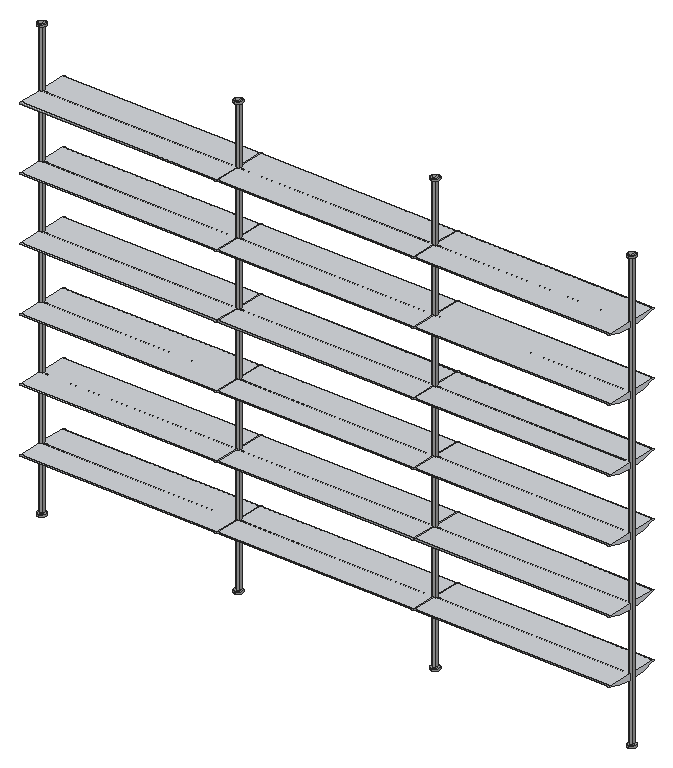
Revit family "Sailor_Composizione_4", category Arredi, Revit 2017
Family settings
  Numero OmniClass = 23.40.20.00
  Titolo OmniClass = General Furniture and Specialties
  Basato su piano di lavoro = No
  Sempre verticale = Sì
  Taglio con vuoti quando caricato = No
  Condiviso = No
  Punto di calcolo locali = No
Parameters
  VisibModulo4 = no
  VisibModulo3 = yes
  VisibModulo2 = yes
  Produttore = "Living Divani"
  Modello = "Sailor"
  Lunghezza Modulo 3 = 1200 mm
  Lunghezza Modulo 2 = 1200 mm
  Lunghezza Modulo 4 = 900 mm
  Lunghezza Modulo 1 = 1200 mm
Reference planes
  plane 1 "Centro (Fronte/Retro)": y = 0
  plane 2: z = 0
  plane 3 "Centro (Sinistra/Destra)": x = 0
Dimensions and locks
  aligned and locked: level to plane 2
  aligned and locked: nested 2 to nested 1
  aligned and locked: nested 3 to nested 2
  aligned and locked: nested 2 to nested 3
  aligned and locked: nested 4 to nested 3
  aligned and locked: nested 3 to nested 4
Nested families
  nested 1: "Sailor_Modulo_Base" at (0, 0, 0), LunghezzaRipiano <- "Lunghezza Modulo 1", type "Primo Modulo"
    with VisibRipiano6 yes, VisibRipiano5 yes, VisibRipiano4 yes, VisibRipiano3 yes, VisibRipiano2 yes, VisibRipiano1 yes, LunghezzaRipiano 1200 mm
  nested 2: "Sailor_Modulo_Base" at (1200, 0, 0), LunghezzaRipiano <- "Lunghezza Modulo 2", visible <- "VisibModulo2", type "Secondo Modulo"
    with VisibRipiano6 yes, VisibRipiano5 yes, VisibRipiano4 yes, VisibRipiano3 yes, VisibRipiano2 yes, VisibRipiano1 yes, LunghezzaRipiano 1200 mm, PrimaAsta no
  nested 3: "Sailor_Modulo_Base" at (2400, 0, 0), LunghezzaRipiano <- "Lunghezza Modulo 3", visible <- "VisibModulo3", type "Terzo Modulo"
    with VisibRipiano6 yes, VisibRipiano5 yes, VisibRipiano4 yes, VisibRipiano3 yes, VisibRipiano2 yes, VisibRipiano1 yes, LunghezzaRipiano 1200 mm, PrimaAsta no
  nested 4: "Sailor_Modulo_Base" at (3600, 0, 0), LunghezzaRipiano <- "Lunghezza Modulo 4", visible <- "VisibModulo4", type "Quarto Modulo"
    with VisibRipiano6 yes, VisibRipiano5 yes, VisibRipiano4 yes, VisibRipiano3 yes, VisibRipiano2 yes, VisibRipiano1 yes, LunghezzaRipiano 900 mm, PrimaAsta no
Definition of nested family "Sailor_Modulo_Base"
  Parameters (values of type "Sailor_Modulo_Base")
    VisibRipiano6 [instance] = yes
    VisibRipiano5 [instance] = yes
    VisibRipiano4 [instance] = yes
    VisibRipiano3 [instance] = yes
    VisibRipiano1 [instance] = yes
    VisibRipiano2 [instance] = yes
    Ripiano = none
    PrimaAsta = yes
    Aste = none
    LunghezzaRipiano [instance] = 750 mm
  Reference planes
    plane 1 "Centro (Fronte/Retro)": y = 0
    plane 2: z = 0
    plane 3 "Centro (Sinistra/Destra)": x = 0
    plane 4: y = 0
    plane 5 "Lunghezza Ripiano": x = 750
    plane 6 "primo ripiano": z = 383
    plane 7: y = 0
    plane 8: y = 0
    plane 9: y = 0
    plane 10: y = 0
    plane 11: y = 0
  Forms (mm)
    Extrusion 1, solid, material <- "Aste", visible <- "PrimaAsta"
      sketch origin (0, 0, 0) x (1, 0, 0) y (0, 1, 0)
        loop
          line (12.5, 7.217) -> (0, 14.434) -> (-12.5, 7.217) -> (-12.5, -7.217) -> (0, -14.434) -> (12.5, -7.217) -> (12.5, 7.217)
      from 20 to 2670
    Revolve 2, solid, material <- "Aste", visible <- "PrimaAsta"
      sketch origin (0, 0, 0) x (0, 1, 0) y (0, 0, 1)
        loop
          line (0, 20) -> (0, 0) -> (19, 0) -> (20.125, 2.25) -> (25, 2.25) -> (25, 9.915) -> (7.761, 9.915) -> (6.996, 12.974) -> (5, 12.974) -> (5, 14.189) -> (7.229, 20) -> (0, 20)
        axis (0, 0) -> (0, 20)
      angle from 0 to 360
    Revolve 3, solid, material <- "Aste", visible <- "PrimaAsta"
      sketch origin (0, 0, 2690) x (0, 1, 0) y (0, 0, -1)
        loop
          line (0, 20) -> (0, 0) -> (19, 0) -> (20.125, 2.25) -> (25, 2.25) -> (25, 9.915) -> (7.761, 9.915) -> (6.996, 12.974) -> (5, 12.974) -> (5, 14.189) -> (7.229, 20) -> (0, 20)
        axis (0, 0) -> (0, 20)
      angle from 0 to 360
    Extrusion 4, solid, material <- "Ripiano", visible <- "VisibRipiano1"
      sketch origin (0, -315.449, -968.719) x (0, 1, 0) y (0, 0, 1)
        loop
          arc (153.449, 1369.219) -> (150.496, 1366.748) -> (152.408, 1363.405) r 3
          arc (152.408, 1363.405) -> (315.449, 1334.219) -> (478.489, 1363.405) r 469.983
          arc (478.489, 1363.405) -> (480.402, 1366.748) -> (477.449, 1369.219) r 3
          line (477.449, 1369.219) -> (153.449, 1369.219)
        loop
          circle (315.449, 1351.719) r 8
      from 0 to 750 <- "LunghezzaRipiano"
    Extrusion 5, solid, visible <- "PrimaAsta", not visible
      sketch origin (0, 0, 0) x (1, 0, 0) y (0, 1, 0)
        loop
          line (12.5, 7.217) -> (0, 14.434) -> (-12.5, 7.217) -> (-12.5, -7.217) -> (0, -14.434) -> (12.5, -7.217) -> (12.5, 7.217)
      from 20 to 2670
    Revolve 6, solid, visible <- "PrimaAsta", not visible
      sketch origin (0, 0, 0) x (0, 1, 0) y (0, 0, 1)
        loop
          line (0, 20) -> (0, 0) -> (19, 0) -> (20.125, 2.25) -> (25, 2.25) -> (25, 9.915) -> (7.761, 9.915) -> (6.996, 12.974) -> (5, 12.974) -> (5, 14.189) -> (7.229, 20) -> (0, 20)
        axis (0, 0) -> (0, 20)
      angle from 0 to 360
    Revolve 7, solid, visible <- "PrimaAsta", not visible
      sketch origin (0, 0, 2690) x (0, 1, 0) y (0, 0, -1)
        loop
          line (0, 20) -> (0, 0) -> (19, 0) -> (20.125, 2.25) -> (25, 2.25) -> (25, 9.915) -> (7.761, 9.915) -> (6.996, 12.974) -> (5, 12.974) -> (5, 14.189) -> (7.229, 20) -> (0, 20)
        axis (0, 0) -> (0, 20)
      angle from 0 to 360
    Revolve 8, solid, material <- "Aste"
      sketch origin (750, 0, 0) x (0, 1, 0) y (0, 0, 1)
        loop
          line (0, 20) -> (0, 0) -> (19, 0) -> (20.125, 2.25) -> (25, 2.25) -> (25, 9.915) -> (7.761, 9.915) -> (6.996, 12.974) -> (5, 12.974) -> (5, 14.189) -> (7.229, 20) -> (0, 20)
        axis (0, 0) -> (0, 20)
      angle from 0 to 360
    Revolve 9, solid, material <- "Aste"
      sketch origin (750, 0, 2690) x (0, 1, 0) y (0, 0, -1)
        loop
          line (0, 20) -> (0, 0) -> (19, 0) -> (20.125, 2.25) -> (25, 2.25) -> (25, 9.915) -> (7.761, 9.915) -> (6.996, 12.974) -> (5, 12.974) -> (5, 14.189) -> (7.229, 20) -> (0, 20)
        axis (0, 0) -> (0, 20)
      angle from 0 to 360
    Extrusion 10, solid, material <- "Ripiano", visible <- "VisibRipiano2"
      sketch origin (0, -315.449, -583.719) x (0, 1, 0) y (0, 0, 1)
        loop
          arc (153.449, 1369.219) -> (150.496, 1366.748) -> (152.408, 1363.405) r 3
          arc (152.408, 1363.405) -> (315.449, 1334.219) -> (478.489, 1363.405) r 469.983
          arc (478.489, 1363.405) -> (480.402, 1366.748) -> (477.449, 1369.219) r 3
          line (477.449, 1369.219) -> (153.449, 1369.219)
        loop
          circle (315.449, 1351.719) r 8
      from 0 to 750 <- "LunghezzaRipiano"
    Extrusion 11, solid, material <- "Ripiano", visible <- "VisibRipiano3"
      sketch origin (0, -315.449, -198.719) x (0, 1, 0) y (0, 0, 1)
        loop
          arc (153.449, 1369.219) -> (150.496, 1366.748) -> (152.408, 1363.405) r 3
          arc (152.408, 1363.405) -> (315.449, 1334.219) -> (478.489, 1363.405) r 469.983
          arc (478.489, 1363.405) -> (480.402, 1366.748) -> (477.449, 1369.219) r 3
          line (477.449, 1369.219) -> (153.449, 1369.219)
        loop
          circle (315.449, 1351.719) r 8
      from 0 to 750 <- "LunghezzaRipiano"
    Extrusion 12, solid, material <- "Ripiano", visible <- "VisibRipiano4"
      sketch origin (0, -315.449, 186.281) x (0, 1, 0) y (0, 0, 1)
        loop
          arc (153.449, 1369.219) -> (150.496, 1366.748) -> (152.408, 1363.405) r 3
          arc (152.408, 1363.405) -> (315.449, 1334.219) -> (478.489, 1363.405) r 469.983
          arc (478.489, 1363.405) -> (480.402, 1366.748) -> (477.449, 1369.219) r 3
          line (477.449, 1369.219) -> (153.449, 1369.219)
        loop
          circle (315.449, 1351.719) r 8
      from 0 to 750 <- "LunghezzaRipiano"
    Extrusion 13, solid, material <- "Ripiano", visible <- "VisibRipiano5"
      sketch origin (0, -315.449, 571.281) x (0, 1, 0) y (0, 0, 1)
        loop
          arc (153.449, 1369.219) -> (150.496, 1366.748) -> (152.408, 1363.405) r 3
          arc (152.408, 1363.405) -> (315.449, 1334.219) -> (478.489, 1363.405) r 469.983
          arc (478.489, 1363.405) -> (480.402, 1366.748) -> (477.449, 1369.219) r 3
          line (477.449, 1369.219) -> (153.449, 1369.219)
        loop
          circle (315.449, 1351.719) r 8
      from 0 to 750 <- "LunghezzaRipiano"
    Extrusion 14, solid, material <- "Ripiano", visible <- "VisibRipiano6"
      sketch origin (0, -315.449, 956.281) x (0, 1, 0) y (0, 0, 1)
        loop
          arc (153.449, 1369.219) -> (150.496, 1366.748) -> (152.408, 1363.405) r 3
          arc (152.408, 1363.405) -> (315.449, 1334.219) -> (478.489, 1363.405) r 469.983
          arc (478.489, 1363.405) -> (480.402, 1366.748) -> (477.449, 1369.219) r 3
          line (477.449, 1369.219) -> (153.449, 1369.219)
        loop
          circle (315.449, 1351.719) r 8
      from 0 to 750 <- "LunghezzaRipiano"
    Extrusion 15, solid, material <- "Aste"
      sketch origin (750, 0, 0) x (-1, 0, 0) y (0, -1, 0)
        loop
          line (12.5, -7.217) -> (12.5, 7.217) -> (0, 14.434) -> (-12.5, 7.217) -> (-12.5, -7.217) -> (0, -14.434) -> (12.5, -7.217)
      from 20 to 2670
    Extrusion 16, void
      sketch origin (-112.713, -21.581, 0) x (1, 0, 0) y (0, 1, 0)
        loop
          line (112.713, 36.015) -> (112.713, 7.147) -> (125.213, 14.364) -> (125.213, 28.798) -> (112.713, 36.015)
      from 361.476 to 406.494
    Extrusion 17, void
      sketch origin (862.713, -21.581, 0) x (-1, 0, 0) y (0, -1, 0)
        loop
          line (112.713, -36.015) -> (125.213, -28.798) -> (125.213, -14.364) -> (112.713, -7.147) -> (112.713, -36.015)
      from 361.476 to 406.494
    Extrusion 18, void
      sketch origin (-112.713, -21.581, 385.443) x (0, -1, 0) y (1, 0, 0)
        loop
          line (-36.015, 112.713) -> (-7.147, 112.713) -> (-14.364, 125.213) -> (-28.798, 125.213) -> (-36.015, 112.713)
      from 361.476 to 406.494
    Extrusion 19, void
      sketch origin (862.713, -21.581, 385.443) x (0, 1, 0) y (-1, 0, 0)
        loop
          line (36.015, 112.713) -> (28.798, 125.213) -> (14.364, 125.213) -> (7.147, 112.713) -> (36.015, 112.713)
      from 361.476 to 406.494
    Extrusion 20, void
      sketch origin (-112.713, -21.581, 770.443) x (0, -1, 0) y (1, 0, 0)
        loop
          line (-36.015, 112.713) -> (-7.147, 112.713) -> (-14.364, 125.213) -> (-28.798, 125.213) -> (-36.015, 112.713)
      from 361.476 to 406.494
    Extrusion 21, void
      sketch origin (862.713, -21.581, 770.443) x (0, 1, 0) y (-1, 0, 0)
        loop
          line (36.015, 112.713) -> (28.798, 125.213) -> (14.364, 125.213) -> (7.147, 112.713) -> (36.015, 112.713)
      from 361.476 to 406.494
    Extrusion 22, void
      sketch origin (-112.713, -21.581, 1155.443) x (0, -1, 0) y (1, 0, 0)
        loop
          line (-36.015, 112.713) -> (-7.147, 112.713) -> (-14.364, 125.213) -> (-28.798, 125.213) -> (-36.015, 112.713)
      from 361.476 to 406.494
    Extrusion 23, void
      sketch origin (862.713, -21.581, 1155.443) x (0, 1, 0) y (-1, 0, 0)
        loop
          line (36.015, 112.713) -> (28.798, 125.213) -> (14.364, 125.213) -> (7.147, 112.713) -> (36.015, 112.713)
      from 361.476 to 406.494
    Extrusion 24, void
      sketch origin (-112.713, -21.581, 1540.443) x (0, -1, 0) y (1, 0, 0)
        loop
          line (-36.015, 112.713) -> (-7.147, 112.713) -> (-14.364, 125.213) -> (-28.798, 125.213) -> (-36.015, 112.713)
      from 361.476 to 406.494
    Extrusion 25, void
      sketch origin (862.713, -21.581, 1540.443) x (0, 1, 0) y (-1, 0, 0)
        loop
          line (36.015, 112.713) -> (28.798, 125.213) -> (14.364, 125.213) -> (7.147, 112.713) -> (36.015, 112.713)
      from 361.476 to 406.494
    Extrusion 26, void
      sketch origin (-112.713, -21.581, 1925.443) x (0, -1, 0) y (1, 0, 0)
        loop
          line (-36.015, 112.713) -> (-7.147, 112.713) -> (-14.364, 125.213) -> (-28.798, 125.213) -> (-36.015, 112.713)
      from 361.476 to 406.494
    Extrusion 27, void
      sketch origin (862.713, -21.581, 1925.443) x (0, 1, 0) y (-1, 0, 0)
        loop
          line (36.015, 112.713) -> (28.798, 125.213) -> (14.364, 125.213) -> (7.147, 112.713) -> (36.015, 112.713)
      from 361.476 to 406.494
  Cuts and joins
    Extrusion 16, Extrusion 17, Extrusion 18, Extrusion 19 cuts Extrusion 4
    Extrusion 16, Extrusion 17, Extrusion 26, Extrusion 27 cuts Extrusion 14
    Extrusion 17 cuts Extrusion 1
    Extrusion 18, Extrusion 19, Extrusion 20 cuts Extrusion 10
    Extrusion 20, Extrusion 21, Extrusion 22 cuts Extrusion 11
    Extrusion 22, Extrusion 23, Extrusion 24 cuts Extrusion 12
    Extrusion 24, Extrusion 25, Extrusion 26 cuts Extrusion 13
  Dimensions and locks
    equal spacing: Extrusion 4 sketch curve, plane 4, Extrusion 4 sketch curve, locked at 165 each
    "LunghezzaRipiano": plane 3 "Centro (Sinistra/Destra)" to plane 5 "Lunghezza Ripiano"
    plane 6 "primo ripiano" to level = 383 mm
    equal spacing: Extrusion 10 sketch curve, plane 7, Extrusion 10 sketch curve, locked at 165 each
    Extrusion 10 to plane 6 "primo ripiano" = 385 mm
    equal spacing: Extrusion 11 sketch curve, plane 8, Extrusion 11 sketch curve, locked at 165 each
    equal spacing: Extrusion 12 sketch curve, plane 9, Extrusion 12 sketch curve, locked at 165 each
    equal spacing: Extrusion 13 sketch curve, plane 10, Extrusion 13 sketch curve, locked at 165 each
    equal spacing: Extrusion 14 sketch curve, plane 11, Extrusion 14 sketch curve, locked at 165 each
    aligned and locked: level to plane 2
    aligned and locked: Extrusion 1 to Revolve 2
    aligned and locked: Extrusion 1 to Revolve 3
    aligned and locked: plane 4 to plane 1 "Centro (Fronte/Retro)"
    aligned and locked: plane 5 "Lunghezza Ripiano" to Revolve 9
    aligned and locked: plane 6 "primo ripiano" to Extrusion 4
    aligned and locked: Extrusion 15 to plane 5 "Lunghezza Ripiano"
    aligned and locked: cut or joined group of Extrusion 14, Extrusion 16, Extrusion 17, Extrusion 26, Extrusion 27 to cut or joined group of Extrusion 4, Extrusion 16, Extrusion 17, Extrusion 18, Extrusion 19  (x2)
    aligned and locked: plane 5 "Lunghezza Ripiano" to Revolve 8
  Automatic sketch dimensions
    Extrusion 5 sketch curve to Extrusion 5 sketch curve = 7.217 mm  (x4)
    Revolve 6 sketch curve to Revolve 6 sketch curve = 1.996 mm
    Revolve 6 sketch curve to Revolve 6 sketch curve = 2.229 mm
    Revolve 6 sketch curve to Revolve 6 sketch curve = 0.765 mm
    Revolve 6 sketch curve to Revolve 6 sketch curve = 11.239 mm
    Revolve 6 sketch curve to Revolve 6 sketch curve = 1.125 mm
    Revolve 6 sketch curve to Revolve 6 sketch curve = 4.875 mm
    Revolve 6 sketch curve to Revolve 6 sketch curve = 3.059 mm
    Revolve 6 sketch curve to Revolve 6 sketch curve = 1.216 mm
    Revolve 6 sketch curve to Revolve 6 sketch curve = 5.811 mm
    Revolve 6 sketch curve to Revolve 6 sketch curve = 2780 mm
    Revolve 7 sketch curve to Revolve 7 sketch curve = 1.996 mm
    Revolve 7 sketch curve to Revolve 7 sketch curve = 2.229 mm
    Revolve 7 sketch curve to Revolve 7 sketch curve = 0.765 mm
    Revolve 7 sketch curve to Revolve 7 sketch curve = 11.239 mm
    Revolve 7 sketch curve to Revolve 7 sketch curve = 1.125 mm
    Revolve 7 sketch curve to Revolve 7 sketch curve = 4.875 mm
    Revolve 7 sketch curve to Revolve 7 sketch curve = 2.25 mm
    Revolve 7 sketch curve to Revolve 7 sketch curve = 9.915 mm
    Revolve 7 sketch curve to Revolve 7 sketch curve = 3.059 mm
    Revolve 7 sketch curve to Revolve 7 sketch curve = 1.216 mm
    Revolve 7 sketch curve to Revolve 7 sketch curve = 5.811 mm
    Revolve 7 sketch curve to Revolve 7 sketch curve = 0 mm  (x2)
    Extrusion 5 sketch curve to Extrusion 5 sketch curve = 12.5 mm  (x3)
    Extrusion 5 sketch curve to Extrusion 5 sketch curve = 14.434 mm
    Revolve 6 sketch curve to Revolve 6 sketch curve = 5 mm
    Revolve 6 sketch curve to Revolve 6 sketch curve = 2.25 mm
    Revolve 6 sketch curve to Revolve 6 sketch curve = 9.915 mm
    Revolve 6 sketch curve to Revolve 6 sketch curve = 0 mm  (x2)
    Revolve 7 sketch curve to Revolve 7 sketch curve = 5 mm
    Revolve 7 sketch curve to Revolve 7 sketch curve = 2780 mm
    Extrusion 1 sketch curve to plane 3 "Centro (Sinistra/Destra)" = 0 mm  (x2)
    Extrusion 1 sketch curve to plane 3 "Centro (Sinistra/Destra)" = 12.5 mm
    plane 3 "Centro (Sinistra/Destra)" to Extrusion 1 sketch curve = 12.5 mm
    plane 1 "Centro (Fronte/Retro)" to Extrusion 1 sketch curve = 14.434 mm
    plane 1 "Centro (Fronte/Retro)" to Extrusion 1 sketch curve = 7.217 mm  (x2)
    Extrusion 1 sketch curve to plane 1 "Centro (Fronte/Retro)" = 7.217 mm  (x2)
    Extrusion 1 sketch curve to Extrusion 1 sketch curve = 7.217 mm
    Revolve 2 sketch curve to level = 0 mm  (x2)
    Revolve 2 sketch curve to plane 1 "Centro (Fronte/Retro)" = 0 mm  (x2)
    Revolve 2 sketch curve to plane 1 "Centro (Fronte/Retro)" = 5 mm
    Revolve 2 sketch curve to Revolve 2 sketch curve = 1.996 mm
    Revolve 2 sketch curve to Revolve 2 sketch curve = 2.229 mm
    Revolve 2 sketch curve to Revolve 2 sketch curve = 0.765 mm
    Revolve 2 sketch curve to Revolve 2 sketch curve = 11.239 mm
    level to Revolve 2 sketch curve = 2.25 mm
    Revolve 2 sketch curve to Revolve 2 sketch curve = 1.125 mm
    Revolve 2 sketch curve to Revolve 2 sketch curve = 4.875 mm
    level to Revolve 2 sketch curve = 9.915 mm
    Revolve 2 sketch curve to Revolve 2 sketch curve = 3.059 mm
    Revolve 2 sketch curve to Revolve 2 sketch curve = 1.216 mm
    Revolve 2 sketch curve to Revolve 2 sketch curve = 5.811 mm
    plane 6 "primo ripiano" to Revolve 2 sketch curve = 2417 mm
    Revolve 3 sketch curve to plane 1 "Centro (Fronte/Retro)" = 0 mm  (x2)
    plane 1 "Centro (Fronte/Retro)" to Revolve 3 sketch curve = 5 mm
    Revolve 3 sketch curve to Revolve 3 sketch curve = 1.996 mm
    Revolve 3 sketch curve to Revolve 3 sketch curve = 2.229 mm
    Revolve 3 sketch curve to Revolve 3 sketch curve = 0.765 mm
    Revolve 3 sketch curve to Revolve 3 sketch curve = 11.239 mm
    Revolve 3 sketch curve to Revolve 3 sketch curve = 1.125 mm
    Revolve 3 sketch curve to Revolve 3 sketch curve = 4.875 mm
    Revolve 3 sketch curve to plane 6 "primo ripiano" = 2307 mm
    Revolve 3 sketch curve to Revolve 3 sketch curve = 2.25 mm
    Revolve 3 sketch curve to Revolve 3 sketch curve = 9.915 mm
    Revolve 3 sketch curve to Revolve 3 sketch curve = 3.059 mm
    Revolve 3 sketch curve to Revolve 3 sketch curve = 1.216 mm
    Revolve 3 sketch curve to Revolve 3 sketch curve = 5.811 mm
    Revolve 3 sketch curve to Revolve 3 sketch curve = 0 mm
    level to Revolve 3 sketch curve = 110 mm
    Extrusion 4 sketch curve to plane 1 "Centro (Fronte/Retro)" = 0 mm  (x2)
    Extrusion 4 sketch curve to plane 6 "primo ripiano" = 0 mm
    plane 6 "primo ripiano" to Extrusion 4 sketch curve = 17.5 mm
    plane 1 "Centro (Fronte/Retro)" to Extrusion 4 sketch curve = 162 mm
    Extrusion 4 sketch curve to plane 1 "Centro (Fronte/Retro)" = 162 mm
    Extrusion 4 sketch curve to Extrusion 4 sketch curve = 3 mm
    Extrusion 4 sketch curve to Extrusion 4 sketch curve = 452.483 mm
    Extrusion 4 sketch curve to Extrusion 4 sketch curve = 0 mm
    Revolve 8 sketch curve to level = 0 mm  (x2)
    Revolve 8 sketch curve to plane 1 "Centro (Fronte/Retro)" = 0 mm  (x2)
    Revolve 8 sketch curve to plane 1 "Centro (Fronte/Retro)" = 5 mm
    Revolve 8 sketch curve to Revolve 8 sketch curve = 1.996 mm
    Revolve 8 sketch curve to Revolve 8 sketch curve = 2.229 mm
    Revolve 8 sketch curve to Revolve 8 sketch curve = 0.765 mm
    Revolve 8 sketch curve to Revolve 8 sketch curve = 11.239 mm
    level to Revolve 8 sketch curve = 2.25 mm
    Revolve 8 sketch curve to Revolve 8 sketch curve = 1.125 mm
    Revolve 8 sketch curve to Revolve 8 sketch curve = 4.875 mm
    level to Revolve 8 sketch curve = 9.915 mm
    Revolve 8 sketch curve to Revolve 8 sketch curve = 3.059 mm
    Revolve 8 sketch curve to Revolve 8 sketch curve = 1.216 mm
    Revolve 8 sketch curve to Revolve 8 sketch curve = 5.811 mm
    plane 6 "primo ripiano" to Revolve 8 sketch curve = 2417 mm
    Revolve 9 sketch curve to plane 1 "Centro (Fronte/Retro)" = 0 mm  (x2)
    plane 1 "Centro (Fronte/Retro)" to Revolve 9 sketch curve = 5 mm
    Revolve 9 sketch curve to Revolve 9 sketch curve = 1.996 mm
    Revolve 9 sketch curve to Revolve 9 sketch curve = 2.229 mm
    Revolve 9 sketch curve to Revolve 9 sketch curve = 0.765 mm
    Revolve 9 sketch curve to Revolve 9 sketch curve = 11.239 mm
    Revolve 9 sketch curve to Revolve 9 sketch curve = 1.125 mm
    Revolve 9 sketch curve to Revolve 9 sketch curve = 4.875 mm
    Revolve 9 sketch curve to plane 6 "primo ripiano" = 2307 mm
    Revolve 9 sketch curve to Revolve 9 sketch curve = 2.25 mm
    Revolve 9 sketch curve to Revolve 9 sketch curve = 9.915 mm
    Revolve 9 sketch curve to Revolve 9 sketch curve = 3.059 mm
    Revolve 9 sketch curve to Revolve 9 sketch curve = 1.216 mm
    Revolve 9 sketch curve to Revolve 9 sketch curve = 5.811 mm
    Revolve 9 sketch curve to Revolve 9 sketch curve = 0 mm
    level to Revolve 9 sketch curve = 110 mm
    Extrusion 10 sketch curve to plane 1 "Centro (Fronte/Retro)" = 0 mm  (x2)
    plane 1 "Centro (Fronte/Retro)" to Extrusion 10 sketch curve = 162 mm
    Extrusion 10 sketch curve to plane 1 "Centro (Fronte/Retro)" = 162 mm
    plane 6 "primo ripiano" to Extrusion 10 sketch curve = 385 mm
    Extrusion 10 sketch curve to Extrusion 10 sketch curve = 14.5 mm
    Extrusion 10 sketch curve to Extrusion 10 sketch curve = 3 mm
    Extrusion 10 sketch curve to Extrusion 10 sketch curve = 452.483 mm
    Extrusion 10 sketch curve to Extrusion 10 sketch curve = 0 mm
    Extrusion 11 sketch curve to plane 1 "Centro (Fronte/Retro)" = 0 mm  (x2)
    plane 1 "Centro (Fronte/Retro)" to Extrusion 11 sketch curve = 162 mm
    Extrusion 11 sketch curve to plane 1 "Centro (Fronte/Retro)" = 162 mm
    plane 6 "primo ripiano" to Extrusion 11 sketch curve = 770 mm
    Extrusion 11 sketch curve to Extrusion 11 sketch curve = 14.5 mm
    Extrusion 11 sketch curve to Extrusion 11 sketch curve = 3 mm
    Extrusion 11 sketch curve to Extrusion 11 sketch curve = 452.483 mm
    Extrusion 11 sketch curve to Extrusion 11 sketch curve = 0 mm
    Extrusion 12 sketch curve to plane 1 "Centro (Fronte/Retro)" = 0 mm  (x2)
    plane 1 "Centro (Fronte/Retro)" to Extrusion 12 sketch curve = 162 mm
    Extrusion 12 sketch curve to plane 1 "Centro (Fronte/Retro)" = 162 mm
    plane 6 "primo ripiano" to Extrusion 12 sketch curve = 1155 mm
    Extrusion 12 sketch curve to Extrusion 12 sketch curve = 14.5 mm
    Extrusion 12 sketch curve to Extrusion 12 sketch curve = 3 mm
    Extrusion 12 sketch curve to Extrusion 12 sketch curve = 452.483 mm
    Extrusion 12 sketch curve to Extrusion 12 sketch curve = 0 mm
    Extrusion 13 sketch curve to plane 1 "Centro (Fronte/Retro)" = 0 mm  (x2)
    plane 1 "Centro (Fronte/Retro)" to Extrusion 13 sketch curve = 162 mm
    Extrusion 13 sketch curve to plane 1 "Centro (Fronte/Retro)" = 162 mm
    plane 6 "primo ripiano" to Extrusion 13 sketch curve = 1540 mm
    Extrusion 13 sketch curve to Extrusion 13 sketch curve = 14.5 mm
    Extrusion 13 sketch curve to Extrusion 13 sketch curve = 3 mm
    Extrusion 13 sketch curve to Extrusion 13 sketch curve = 452.483 mm
    Extrusion 13 sketch curve to Extrusion 13 sketch curve = 0 mm
    Extrusion 14 sketch curve to plane 1 "Centro (Fronte/Retro)" = 0 mm  (x2)
    plane 1 "Centro (Fronte/Retro)" to Extrusion 14 sketch curve = 162 mm
    Extrusion 14 sketch curve to plane 1 "Centro (Fronte/Retro)" = 162 mm
    plane 6 "primo ripiano" to Extrusion 14 sketch curve = 1925 mm
    Extrusion 14 sketch curve to Extrusion 14 sketch curve = 14.5 mm
    Extrusion 14 sketch curve to Extrusion 14 sketch curve = 3 mm
    Extrusion 14 sketch curve to Extrusion 14 sketch curve = 452.483 mm
    Extrusion 14 sketch curve to Extrusion 14 sketch curve = 0 mm
    Extrusion 15 sketch curve to plane 5 "Lunghezza Ripiano" = 0 mm  (x2)
    plane 5 "Lunghezza Ripiano" to Extrusion 15 sketch curve = 12.5 mm
    Extrusion 15 sketch curve to plane 5 "Lunghezza Ripiano" = 12.5 mm
    Extrusion 15 sketch curve to plane 1 "Centro (Fronte/Retro)" = 14.434 mm
    Extrusion 15 sketch curve to plane 1 "Centro (Fronte/Retro)" = 7.217 mm  (x2)
    plane 1 "Centro (Fronte/Retro)" to Extrusion 15 sketch curve = 7.217 mm  (x2)
    Extrusion 15 sketch curve to Extrusion 15 sketch curve = 7.217 mm
    Extrusion 16 sketch curve to plane 3 "Centro (Sinistra/Destra)" = 0 mm
    plane 3 "Centro (Sinistra/Destra)" to Extrusion 16 sketch curve = 12.5 mm
    plane 1 "Centro (Fronte/Retro)" to Extrusion 16 sketch curve = 14.434 mm
    plane 1 "Centro (Fronte/Retro)" to Extrusion 16 sketch curve = 7.217 mm
    Extrusion 16 sketch curve to plane 1 "Centro (Fronte/Retro)" = 7.217 mm
    Extrusion 16 sketch curve to Extrusion 16 sketch curve = 7.217 mm
    plane 5 "Lunghezza Ripiano" to Extrusion 17 sketch curve = 0 mm
    plane 5 "Lunghezza Ripiano" to Extrusion 17 sketch curve = 12.5 mm
    Extrusion 17 sketch curve to plane 1 "Centro (Fronte/Retro)" = 14.434 mm
    Extrusion 17 sketch curve to plane 1 "Centro (Fronte/Retro)" = 7.217 mm
    plane 1 "Centro (Fronte/Retro)" to Extrusion 17 sketch curve = 7.217 mm
    plane 1 "Centro (Fronte/Retro)" to Extrusion 17 sketch curve = 14.434 mm
    Extrusion 18 sketch curve to plane 3 "Centro (Sinistra/Destra)" = 0 mm
    Extrusion 18 sketch curve to plane 1 "Centro (Fronte/Retro)" = 14.434 mm
    Extrusion 18 sketch curve to plane 1 "Centro (Fronte/Retro)" = 7.217 mm
    plane 1 "Centro (Fronte/Retro)" to Extrusion 18 sketch curve = 7.217 mm
    Extrusion 18 sketch curve to Extrusion 18 sketch curve = 7.217 mm
    plane 3 "Centro (Sinistra/Destra)" to Extrusion 18 sketch curve = 12.5 mm
    Extrusion 19 sketch curve to plane 5 "Lunghezza Ripiano" = 0 mm
    plane 1 "Centro (Fronte/Retro)" to Extrusion 19 sketch curve = 14.434 mm
    plane 1 "Centro (Fronte/Retro)" to Extrusion 19 sketch curve = 7.217 mm
    Extrusion 19 sketch curve to plane 1 "Centro (Fronte/Retro)" = 7.217 mm
    Extrusion 19 sketch curve to plane 1 "Centro (Fronte/Retro)" = 14.434 mm
    Extrusion 19 sketch curve to plane 5 "Lunghezza Ripiano" = 12.5 mm
    Extrusion 20 sketch curve to plane 3 "Centro (Sinistra/Destra)" = 0 mm
    Extrusion 20 sketch curve to plane 1 "Centro (Fronte/Retro)" = 14.434 mm
    Extrusion 20 sketch curve to plane 1 "Centro (Fronte/Retro)" = 7.217 mm
    plane 1 "Centro (Fronte/Retro)" to Extrusion 20 sketch curve = 7.217 mm
    Extrusion 20 sketch curve to Extrusion 20 sketch curve = 7.217 mm
    plane 3 "Centro (Sinistra/Destra)" to Extrusion 20 sketch curve = 12.5 mm
    Extrusion 21 sketch curve to plane 5 "Lunghezza Ripiano" = 0 mm
    plane 1 "Centro (Fronte/Retro)" to Extrusion 21 sketch curve = 14.434 mm
    plane 1 "Centro (Fronte/Retro)" to Extrusion 21 sketch curve = 7.217 mm
    Extrusion 21 sketch curve to plane 1 "Centro (Fronte/Retro)" = 7.217 mm
    Extrusion 21 sketch curve to plane 1 "Centro (Fronte/Retro)" = 14.434 mm
    Extrusion 21 sketch curve to plane 5 "Lunghezza Ripiano" = 12.5 mm
    Extrusion 22 sketch curve to plane 3 "Centro (Sinistra/Destra)" = 0 mm
    Extrusion 22 sketch curve to plane 1 "Centro (Fronte/Retro)" = 14.434 mm
    Extrusion 22 sketch curve to plane 1 "Centro (Fronte/Retro)" = 7.217 mm
    plane 1 "Centro (Fronte/Retro)" to Extrusion 22 sketch curve = 7.217 mm
    Extrusion 22 sketch curve to Extrusion 22 sketch curve = 7.217 mm
    plane 3 "Centro (Sinistra/Destra)" to Extrusion 22 sketch curve = 12.5 mm
    Extrusion 23 sketch curve to plane 5 "Lunghezza Ripiano" = 0 mm
    plane 1 "Centro (Fronte/Retro)" to Extrusion 23 sketch curve = 14.434 mm
    plane 1 "Centro (Fronte/Retro)" to Extrusion 23 sketch curve = 7.217 mm
    Extrusion 23 sketch curve to plane 1 "Centro (Fronte/Retro)" = 7.217 mm
    Extrusion 23 sketch curve to plane 1 "Centro (Fronte/Retro)" = 14.434 mm
    Extrusion 23 sketch curve to plane 5 "Lunghezza Ripiano" = 12.5 mm
    Extrusion 24 sketch curve to plane 3 "Centro (Sinistra/Destra)" = 0 mm
    Extrusion 24 sketch curve to plane 1 "Centro (Fronte/Retro)" = 14.434 mm
    Extrusion 24 sketch curve to plane 1 "Centro (Fronte/Retro)" = 7.217 mm
    plane 1 "Centro (Fronte/Retro)" to Extrusion 24 sketch curve = 7.217 mm
    Extrusion 24 sketch curve to Extrusion 24 sketch curve = 7.217 mm
    plane 3 "Centro (Sinistra/Destra)" to Extrusion 24 sketch curve = 12.5 mm
    Extrusion 25 sketch curve to plane 5 "Lunghezza Ripiano" = 0 mm
    plane 1 "Centro (Fronte/Retro)" to Extrusion 25 sketch curve = 14.434 mm
    plane 1 "Centro (Fronte/Retro)" to Extrusion 25 sketch curve = 7.217 mm
    Extrusion 25 sketch curve to plane 1 "Centro (Fronte/Retro)" = 7.217 mm
    Extrusion 25 sketch curve to plane 1 "Centro (Fronte/Retro)" = 14.434 mm
    Extrusion 25 sketch curve to plane 5 "Lunghezza Ripiano" = 12.5 mm
    Extrusion 26 sketch curve to plane 3 "Centro (Sinistra/Destra)" = 0 mm
    Extrusion 26 sketch curve to plane 1 "Centro (Fronte/Retro)" = 14.434 mm
    Extrusion 26 sketch curve to plane 1 "Centro (Fronte/Retro)" = 7.217 mm
    plane 1 "Centro (Fronte/Retro)" to Extrusion 26 sketch curve = 7.217 mm
    Extrusion 26 sketch curve to Extrusion 26 sketch curve = 7.217 mm
    plane 3 "Centro (Sinistra/Destra)" to Extrusion 26 sketch curve = 12.5 mm
    Extrusion 27 sketch curve to plane 5 "Lunghezza Ripiano" = 0 mm
    plane 1 "Centro (Fronte/Retro)" to Extrusion 27 sketch curve = 14.434 mm
    plane 1 "Centro (Fronte/Retro)" to Extrusion 27 sketch curve = 7.217 mm
    Extrusion 27 sketch curve to plane 1 "Centro (Fronte/Retro)" = 7.217 mm
    Extrusion 27 sketch curve to plane 1 "Centro (Fronte/Retro)" = 14.434 mm
    Extrusion 27 sketch curve to plane 5 "Lunghezza Ripiano" = 12.5 mm
    radius of Extrusion 4 sketch curve = 8 mm
    radius of Extrusion 10 sketch curve = 8 mm
    radius of Extrusion 11 sketch curve = 8 mm
    radius of Extrusion 12 sketch curve = 8 mm
    radius of Extrusion 13 sketch curve = 8 mm
    radius of Extrusion 14 sketch curve = 8 mm
